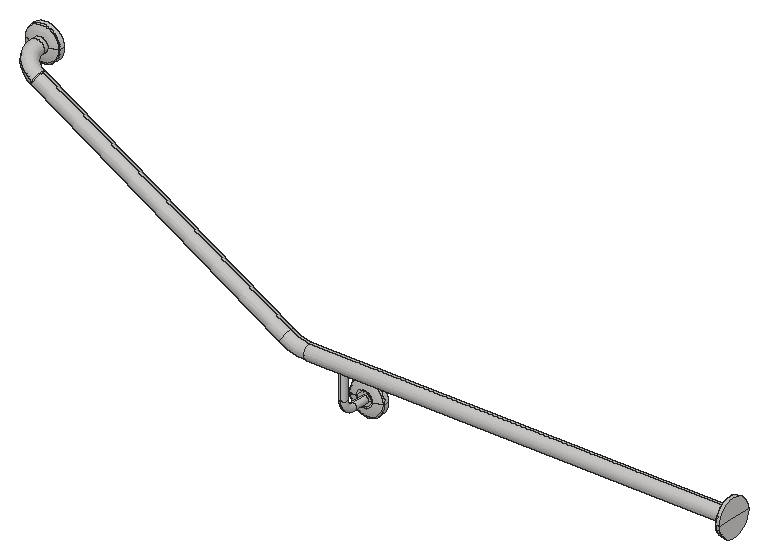
Revit family "Grab Rail_Metlam_30 Deg_Rear And Side Wall_Right", category Specialty Equipment, Revit 2016
Family settings
  Part Type = Normal
  Round Connector Dimension = Use Diameter
  OmniClass Number = 23.40.20.21.47
  OmniClass Title = Bath Grab Bars
  Work Plane-Based = No
  Always vertical = Yes
  Cut with Voids When Loaded = No
  Shared = No
  Room Calculation Point = Yes
Parameters (values of type "1572w x 90d x 382h (MLR106_X)")
  Width = 1572 mm  # constant formula
  URL = "http://www.metlam.com.au/"
  Type Comments = "Grab Rails"  # constant formula
  Model = "MLR106_X"
  Material_ANZRS = z_Metlam_Metal_Stainless Steel_Satin
  Height = 382 mm  # constant formula
  Manufacturer_URL__Product Specific = "https://metlam.com.au/product/content/grab-rails/MLR106_X"
  Manufacturer_Spec Code = Model  # "MLR106_X"
  Manufacturer_Height From FFL [instance] = 800 mm
  Manufacturer = "Metlam"  # constant formula
  Keynote = ""
  Description = "30° Flush Mount Rear/Side Wall Rail RH"  # constant formula
  Depth = 90 mm  # constant formula
  CreatedBy_ANZRS = "IGS BIM Solutions"  # constant formula
  CreatedByURL_ANZRS = "http://www.igsgroup.com.au/"
  Assembly Code = ""
Reference planes
  plane 1 "Back": y = 0
  plane 2 "Ref. Level": z = 0
  plane 3 "Right Wall Mount_Centre (Elevation)": z = 784
  plane 4 "Rail_Front": y = -90
  plane 5 "Middle Wall Mount_Centre (Elevation)": z = 691
  plane 6 "Right": x = 110
  plane 7 "Left Wall Mount_Centre (Elevation)": z = 1134
  plane 8 "Mounting Height": z = 800
  plane 9 "Horizontal Rail_Bottom": z = 768
  plane 10 "Angled Rail_Top": z = 1150
  plane 11 "Top": z = 1173
  plane 12 "Bottom": z = 653
  plane 13 "Front": y = -113
  plane 14 "Left Wall Mount_Centre (Left/Right)": x = -1446
  plane 15 "Left": x = -1485.218
  plane 16 "Middle Wall Mount_Centre (Left/Right)": x = -740
  plane 17 "Angled Rail_Left": x = -1462
Forms (mm)
  Revolve 1, solid, material "z_Metlam_Metal_Stainless Steel_Satin" <- "Material_ANZRS"
    sketch origin (-630, 0, 1134) x (1, 0, 0) y (0, -1, 0)
      loop
        line (-800, 16.062) -> (-816, 16.062) -> (-816, 0) -> (-777, 0) -> (-778.401, 8.79)
        arc (-778.401, 8.79) -> (-778.851, 9.87) -> (-779.743, 10.627) r 2.5
        arc (-779.743, 10.627) -> (-789.591, 14.389) -> (-800, 16.062) r 51.397
      axis (-816, 16.062) -> (-816, 0)
    angle from 0 to 360
  Revolve 2, solid, material "z_Metlam_Metal_Stainless Steel_Satin" <- "Material_ANZRS"
    sketch origin (-2933.595, -1524, 784) x (1, 0, 0) y (0, 1, 0)
      loop
        arc (3033, 1486.257) -> (3029.238, 1476.409) -> (3027.564, 1466) r 51.397
        line (3027.564, 1466) -> (3027.564, 1450) -> (3043.595, 1450) -> (3043.595, 1489) -> (3034.836, 1487.599)
        arc (3034.836, 1487.599) -> (3033.757, 1487.149) -> (3033, 1486.257) r 2.5
      axis (3027.564, 1450) -> (3043.595, 1450)
    angle from 0 to 360
  Revolve 3, solid, material "z_Metlam_Metal_Stainless Steel_Satin" <- "Material_ANZRS"
    sketch origin (-740, 0, 691) x (1, 0, 0) y (0, -1, 0)
      loop
        line (38, 0) -> (37.609, 8.494)
        arc (37.609, 8.494) -> (37.213, 9.734) -> (36.246, 10.607) r 2.5
        arc (36.246, 10.607) -> (27.366, 14.116) -> (17.983, 15.888) r 50.422
        arc (17.983, 15.888) -> (16.426, 15.995) -> (14.865, 16.031) r 34
        line (14.865, 16.031) -> (0, 16.031) -> (0, 0) -> (38, 0)
      axis (0, 0) -> (0, 16.031)
    angle from 0 to 360
  Sweep 4, solid, material "z_Metlam_Metal_Stainless Steel_Satin" <- "Material_ANZRS"
    path origin (-740, 0, 0) x (0, 1, 0) y (0, 0, 1)
      loop
        line (-16.031, 691) -> (-49, 691)
        arc (-49, 691) -> (-66.678, 698.322) -> (-74, 716) r 25
        line (-74, 716) -> (-74, 784)
    profile origin (-740, -32.515, 691) x (0, 0, 1) y (-1, 0, 0)
      loop
        circle (0, 0) r 7.5
  Sweep 5, solid, material "z_Metlam_Metal_Stainless Steel_Satin" <- "Material_ANZRS"
    path origin (-630, -90, 0) x (1, 0, 0) y (0, 0, 1)
      loop
        line (723.969, 784) -> (-182.987, 784)
        arc (-182.987, 784) -> (-208.869, 787.407) -> (-232.987, 797.397) r 100
        line (-232.987, 797.397) -> (-772.699, 1109)
    profile origin (-359.509, -90, 784) x (0, 0, 1) y (0, 1, 0)
      loop
        circle (0, 16) r 16
  Sweep 6, solid, material "z_Metlam_Metal_Stainless Steel_Satin" <- "Material_ANZRS"
    path origin (-1513.55, -90, 1173) x (0.866025, 0, -0.5) y (0, 1, 0)
      loop
        line (78, 74) -> (78, 64)
        arc (78, 64) -> (92.059, 30.059) -> (126, 16) r 48
        line (126, 16) -> (128, 16)
    profile origin (-1403.565, -74, 1109.5) x (0, 1, 0) y (0.5, 0, 0.866025)
      loop
        circle (0, 0) r 16
Cuts and joins
  joined: Sweep 4, Sweep 5, Sweep 6
Lines and regions (mm)
  Masking region 1
    outline origin (-630, 0, 784) x (0, -1, 0) y (1, 0, 0)
      loop
        arc (58, -768.643) -> (48.816, -790.816) -> (26.643, -800) r 31.357
        line (26.643, -800) -> (16.031, -800)
        arc (16.031, -800) -> (14.378, -789.577) -> (10.593, -779.727) r 50.422
        arc (10.593, -779.727) -> (9.842, -778.847) -> (8.774, -778.404) r 2.482
        line (8.774, -778.404) -> (0, -777) -> (0, -855) -> (8.788, -853.594)
        arc (8.788, -853.594) -> (9.844, -853.155) -> (10.586, -852.286) r 2.455
        arc (10.586, -852.286) -> (14.377, -842.43) -> (16.031, -832) r 50.422
        line (16.031, -832) -> (27.199, -832)
        arc (27.199, -832) -> (71.606, -813.606) -> (90, -769.199) r 62.801
        line (90, -769.199) -> (90, 723.969)
        arc (90, 723.969) -> (100.43, 725.623) -> (110.286, 729.414) r 50.422
        arc (110.286, 729.414) -> (111.155, 730.156) -> (111.594, 731.212) r 2.455
        line (111.594, 731.212) -> (113, 740) -> (35, 740) -> (36.404, 731.226)
        arc (36.404, 731.226) -> (36.847, 730.158) -> (37.727, 729.407) r 2.482
        arc (37.727, 729.407) -> (47.577, 725.622) -> (58, 723.969) r 50.422
        line (58, 723.969) -> (58, -102.5) -> (16.031, -102.5) -> (16.031, -94)
        arc (16.031, -94) -> (14.377, -83.57) -> (10.586, -73.714) r 50.422
        arc (10.586, -73.714) -> (9.764, -72.789) -> (8.596, -72.383) r 2.455
        line (8.596, -72.383) -> (0, -71.997) -> (0, -147.997) -> (8.6, -147.617)
        arc (8.6, -147.617) -> (9.766, -147.21) -> (10.586, -146.286) r 2.455
        arc (10.586, -146.286) -> (14.377, -136.43) -> (16.031, -126) r 50.422
        line (16.031, -126) -> (16.031, -117.5) -> (58, -117.5) -> (58, -768.643)
  reference lines
    curve 1: line (-1513.55, -90, 1173) -> (-839.782, -90, 784)
  symbolic lines, style "Grab Rails"
    curve 2: line (-840, -66, 0) -> (-840, -82, 0)
  symbolic lines, style "Grab Rails", detail levels medium+fine
    curve 3: line (93.969, -90, 784) -> (93.969, -58, 784)
    curve 4: line (-1462, -16.031, 784) -> (-1430, -16.031, 784)
    curve 5: line (-732.5, -16.031, 0) -> (-747.5, -16.031, 0)
    curve 6: line (-732.5, -58, 0) -> (-747.5, -58, 0)
Text (mm)
  text "> Contact Manufacturer to confirm feasibility of design variations outside the scope of this Revit Family\n\n\n\nDisclaimer:\n\nDue to ongoing product development and manufacturing evolution, product details are subject to change without notice. Please refer to product technical data sheets on the manufacturer’s website for the most current product information. Please allow a +/- 5mm manufacturing tolerance for dimensions and set-outs shown in product literature." at (388.901, 261.762, 0), in view "Ref. Level_Instruction"
Dimensions and locks
  "Depth": plane 4 "Rail_Front" to plane 1 "Back"
  "Manufacturer_Height From FFL": plane 8 "Mounting Height" to level
  locked: plane 5 "Middle Wall Mount_Centre (Elevation)" to plane 12 "Bottom" at 38
  locked: plane 3 "Right Wall Mount_Centre (Elevation)" to plane 9 "Horizontal Rail_Bottom" at 16
  locked: plane 8 "Mounting Height" to plane 3 "Right Wall Mount_Centre (Elevation)" at 16
  "Height": plane 10 "Angled Rail_Top" to plane 9 "Horizontal Rail_Bottom"
  locked: plane 4 "Rail_Front" to plane 13 "Front" at 23
  locked: plane 11 "Top" to plane 10 "Angled Rail_Top" at 23
  locked: plane 9 "Horizontal Rail_Bottom" to plane 5 "Middle Wall Mount_Centre (Elevation)" at 77
  locked: plane 10 "Angled Rail_Top" to plane 7 "Left Wall Mount_Centre (Elevation)" at 16
  plane 16 "Middle Wall Mount_Centre (Left/Right)" to plane 6 "Right" = 850 mm
  locked: plane 17 "Angled Rail_Left" to plane 15 "Left" at 23.218
  locked: plane 14 "Left Wall Mount_Centre (Left/Right)" to plane 17 "Angled Rail_Left" at 16
  locked: plane 6 "Right" to curve 2 at 950
  "Width": plane 6 "Right" to plane 17 "Angled Rail_Left"
  radius of Sweep 5 sketch curve = 100 mm
  aligned and locked: level to plane 2 "Ref. Level"
  aligned and locked: plane 3 "Right Wall Mount_Centre (Elevation)" to curve 1
  aligned and locked: plane 11 "Top" to curve 1
Automatic sketch dimensions
  plane 4 "Rail_Front" to curve 2 = 8 mm
  plane 16 "Middle Wall Mount_Centre (Left/Right)" to curve 6 = 7.5 mm
  plane 16 "Middle Wall Mount_Centre (Left/Right)" to curve 5 = 7.5 mm
  curve 5 to plane 16 "Middle Wall Mount_Centre (Left/Right)" = 7.5 mm
  curve 6 to plane 16 "Middle Wall Mount_Centre (Left/Right)" = 7.5 mm
  curve 2 to curve 2 = 16 mm
  plane 4 "Rail_Front" to curve 6 = 32 mm
  plane 1 "Back" to curve 5 = 16.031 mm
  curve 3 to plane 4 "Rail_Front" = 0 mm
  curve 4 to plane 17 "Angled Rail_Left" = 0 mm
  curve 3 to plane 6 "Right" = 16.031 mm
  curve 4 to plane 14 "Left Wall Mount_Centre (Left/Right)" = 16 mm
  plane 4 "Rail_Front" to curve 3 = 32 mm
  plane 1 "Back" to curve 4 = 16.031 mm
  plane 16 "Middle Wall Mount_Centre (Left/Right)" to curve 1 = 99.782 mm
  plane 15 "Left" to curve 1 = 28.332 mm
  Revolve 1 sketch curve to plane 14 "Left Wall Mount_Centre (Left/Right)" = 0 mm  (x2)
  Revolve 1 sketch curve to plane 1 "Back" = 0 mm
  plane 14 "Left Wall Mount_Centre (Left/Right)" to Revolve 1 sketch curve = 13.089 mm
  Revolve 1 sketch curve to Revolve 1 sketch curve = 16 mm
  Revolve 1 sketch curve to plane 1 "Back" = 8.395 mm
  Revolve 1 sketch curve to Revolve 1 sketch curve = 19.13 mm
  Revolve 1 sketch curve to plane 1 "Back" = 8.79 mm
  Revolve 1 sketch curve to Revolve 1 sketch curve = 2.469 mm
  Revolve 1 sketch curve to Revolve 1 sketch curve = 1.401 mm
  plane 1 "Back" to Revolve 1 sketch curve = 35.252 mm
  Revolve 1 sketch curve to plane 1 "Back" = 16.062 mm
  Revolve 1 sketch curve to Revolve 1 sketch curve = 4.717 mm
  Revolve 1 sketch curve to Revolve 1 sketch curve = 6.031 mm
  Revolve 2 sketch curve to plane 6 "Right" = 0 mm
  Revolve 2 sketch curve to plane 6 "Right" = 8.364 mm
  Revolve 2 sketch curve to Revolve 2 sketch curve = 0.395 mm
  Revolve 2 sketch curve to plane 6 "Right" = 16.031 mm
  plane 6 "Right" to Revolve 2 sketch curve = 35.283 mm
  plane 4 "Rail_Front" to Revolve 2 sketch curve = 16 mm
  plane 4 "Rail_Front" to Revolve 2 sketch curve = 29.089 mm
  Revolve 2 sketch curve to Revolve 2 sketch curve = 16 mm
  Revolve 2 sketch curve to Revolve 2 sketch curve = 19.13 mm
  Revolve 2 sketch curve to Revolve 2 sketch curve = 1.342 mm
  Revolve 2 sketch curve to Revolve 2 sketch curve = 1.401 mm
  Revolve 2 sketch curve to Revolve 2 sketch curve = 6.031 mm
  Revolve 2 sketch curve to Revolve 2 sketch curve = 4.717 mm
  Revolve 2 sketch curve to Revolve 2 sketch curve = 13.089 mm
  Revolve 3 sketch curve to plane 16 "Middle Wall Mount_Centre (Left/Right)" = 0 mm  (x2)
  Revolve 3 sketch curve to plane 1 "Back" = 0 mm  (x2)
  plane 16 "Middle Wall Mount_Centre (Left/Right)" to Revolve 3 sketch curve = 13.36 mm
  plane 16 "Middle Wall Mount_Centre (Left/Right)" to Revolve 3 sketch curve = 14.865 mm
  Revolve 3 sketch curve to plane 1 "Back" = 8.379 mm
  Revolve 3 sketch curve to Revolve 3 sketch curve = 20.246 mm
  Revolve 3 sketch curve to plane 1 "Back" = 8.494 mm
  Revolve 3 sketch curve to Revolve 3 sketch curve = 2.497 mm
  Revolve 3 sketch curve to Revolve 3 sketch curve = 0.391 mm
  plane 1 "Back" to Revolve 3 sketch curve = 17.969 mm
  Revolve 3 sketch curve to Revolve 3 sketch curve = 16.353 mm
  Revolve 3 sketch curve to plane 1 "Back" = 16.031 mm
  Revolve 3 sketch curve to Revolve 3 sketch curve = 0 mm
  Revolve 3 sketch curve to Revolve 3 sketch curve = 11.61 mm
  Sweep 4 sketch curve to profile plane = 0 mm
  profile plane to Sweep 4 sketch curve = 0 mm
  Sweep 5 sketch curve to plane 3 "Right Wall Mount_Centre (Elevation)" = 0 mm
  plane 8 "Mounting Height" to Sweep 5 sketch curve = 2.603 mm
  Sweep 5 sketch curve to plane 16 "Middle Wall Mount_Centre (Left/Right)" = 122.987 mm
  plane 14 "Left Wall Mount_Centre (Left/Right)" to Sweep 5 sketch curve = 43.301 mm
  plane 6 "Right" to Sweep 5 sketch curve = 16.031 mm
  plane 7 "Left Wall Mount_Centre (Elevation)" to Sweep 5 sketch curve = 25 mm
  profile plane to Sweep 5 sketch curve = 0 mm
  plane 4 "Rail_Front" to Sweep 5 sketch curve = 16 mm
  curve 1 to Sweep 6 sketch curve = 78 mm
  Sweep 6 sketch curve to Sweep 6 sketch curve = 48 mm
  Sweep 6 sketch curve to curve 1 = 16 mm
  Sweep 6 sketch curve to Sweep 6 sketch curve = 2 mm
  Sweep 6 sketch curve to Sweep 6 sketch curve = 10 mm
  Sweep 6 sketch curve to profile plane = 0 mm  (x2)
  Masking region 1 sketch curve to plane 1 "Back" = 0 mm  (x2)
  Masking region 1 sketch curve to plane 17 "Angled Rail_Left" = 0 mm
  Masking region 1 sketch curve to plane 6 "Right" = 0 mm
  Masking region 1 sketch curve to plane 13 "Front" = 0 mm
  Masking region 1 sketch curve to plane 16 "Middle Wall Mount_Centre (Left/Right)" = 13.36 mm
  Masking region 1 sketch curve to plane 1 "Back" = 34.322 mm  (x2)
  Masking region 1 sketch curve to plane 17 "Angled Rail_Left" = 2.64 mm
  plane 16 "Middle Wall Mount_Centre (Left/Right)" to Masking region 1 sketch curve = 13.36 mm
  Masking region 1 sketch curve to Masking region 1 sketch curve = 0 mm  (x5)
  Masking region 1 sketch curve to plane 14 "Left Wall Mount_Centre (Left/Right)" = 13.36 mm
  plane 1 "Back" to Masking region 1 sketch curve = 8.382 mm
  plane 1 "Back" to Masking region 1 sketch curve = 8.4 mm  (x3)
  Masking region 1 sketch curve to plane 15 "Left" = 4.048 mm
  Masking region 1 sketch curve to Masking region 1 sketch curve = 0.196 mm
  Masking region 1 sketch curve to Masking region 1 sketch curve = 0.2 mm
  Masking region 1 sketch curve to Masking region 1 sketch curve = 0.392 mm  (x2)
  Masking region 1 sketch curve to plane 15 "Left" = 1.624 mm
  Masking region 1 sketch curve to Masking region 1 sketch curve = 0.388 mm  (x2)
  Masking region 1 sketch curve to plane 16 "Middle Wall Mount_Centre (Left/Right)" = 7.5 mm
  plane 1 "Back" to Masking region 1 sketch curve = 16.031 mm  (x3)
  plane 16 "Middle Wall Mount_Centre (Left/Right)" to Masking region 1 sketch curve = 7.5 mm
  Masking region 1 sketch curve to Masking region 1 sketch curve = 17.869 mm
  Masking region 1 sketch curve to Masking region 1 sketch curve = 0.556 mm
  plane 1 "Back" to Masking region 1 sketch curve = 35 mm
  Masking region 1 sketch curve to plane 6 "Right" = 8.774 mm
  Masking region 1 sketch curve to Masking region 1 sketch curve = 1.404 mm  (x2)
  Masking region 1 sketch curve to Masking region 1 sketch curve = 2.451 mm
  plane 4 "Rail_Front" to Masking region 1 sketch curve = 32 mm
  plane 4 "Rail_Front" to Masking region 1 sketch curve = 29.36 mm
  plane 4 "Rail_Front" to Masking region 1 sketch curve = 2.64 mm
  Masking region 1 sketch curve to plane 4 "Rail_Front" = 0 mm
  plane 13 "Front" to Masking region 1 sketch curve = 3.83 mm
  plane 13 "Front" to Masking region 1 sketch curve = 1.406 mm
  Masking region 1 sketch curve to plane 15 "Left" = 0.218 mm
  Masking region 1 sketch curve to plane 14 "Left Wall Mount_Centre (Left/Right)" = 16 mm
  Masking region 1 sketch curve to Masking region 1 sketch curve = 19.145 mm
  Masking region 1 sketch curve to Masking region 1 sketch curve = 1.323 mm
  Masking region 1 sketch curve to Masking region 1 sketch curve = 30.497 mm
  Masking region 1 sketch curve to Masking region 1 sketch curve = 0.38 mm
  Masking region 1 sketch curve to Masking region 1 sketch curve = 2.447 mm
  Masking region 1 sketch curve to Masking region 1 sketch curve = 8.5 mm  (x2)
  Masking region 1 sketch curve to Masking region 1 sketch curve = 19.17 mm
  Masking region 1 sketch curve to Masking region 1 sketch curve = 1.331 mm
  Masking region 1 sketch curve to Masking region 1 sketch curve = 0.386 mm
  Masking region 1 sketch curve to plane 6 "Right" = 16.031 mm  (x2)
  Masking region 1 sketch curve to plane 6 "Right" = 8.788 mm
  plane 6 "Right" to Masking region 1 sketch curve = 34.322 mm
  Sweep 4 sketch curve to plane 3 "Right Wall Mount_Centre (Elevation)" = 0 mm
  Sweep 4 sketch curve to plane 5 "Middle Wall Mount_Centre (Elevation)" = 0 mm
  Sweep 4 sketch curve to plane 4 "Rail_Front" = 16 mm
  Sweep 4 sketch curve to plane 5 "Middle Wall Mount_Centre (Elevation)" = 25 mm
  Sweep 4 sketch curve to plane 1 "Back" = 16.031 mm
  radius of Sweep 4 sketch curve = 7.5 mm
  radius of Sweep 5 sketch curve = 16 mm
  radius of Sweep 6 sketch curve = 16 mm
